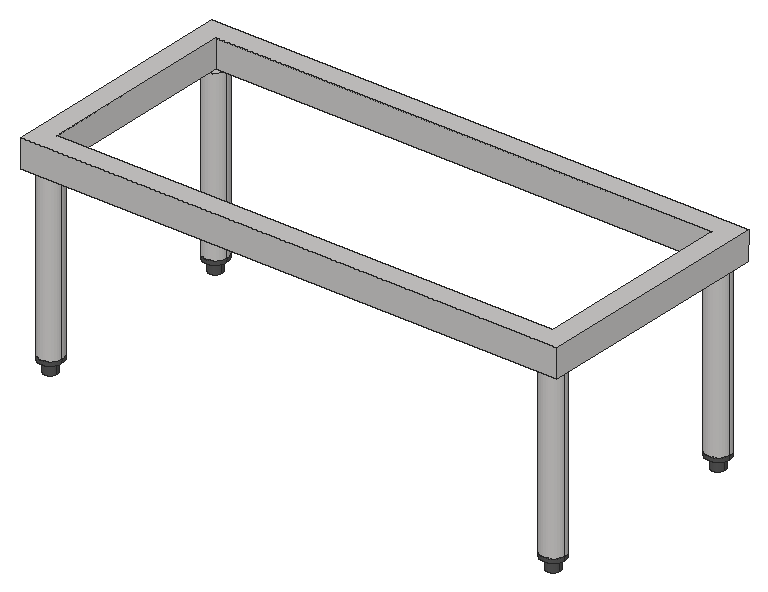
Revit family "QF_CAPIC_PT_W293015", category Equipement spécialisé, Revit 2018
Family settings
  Cote de connecteur circulaire = Utiliser le diamètre
  Type d'élément = Normal
  Numéro OmniClass = 23.40.40.14
  Titre OmniClass = Food Service Equipment
  Basée sur le plan de construction = Non
  Toujours verticalement = Oui
  Couper avec des vides une fois chargée = Non
  Partagée = Non
  Point de calcul de pièce = Non
Parameters (values of type "L=1600mm")
  URL catalogue = "http://www.capic-fr.com/fr/"
  Type de Raccord Plomberie [instance] = ""
  Type de Raccord Electrique [instance] = ""
  Type de Gaz = ""
  Type article [instance] = ""
  Tension = 0 V
  Spécification du Fabricant = ""
  Show Logo = yes
  Remarques evacuation [instance] = ""
  Remarques Plomberie [instance] = ""
  Remarques Electricité [instance] = ""
  Puissance électrique  = 0 W
  Puissance Gaz kW = 0
  Profondeur hors tout = 715 mm
  Pression Maximum Eau Adoucie = 0.0 Pa
  Poids net à vide = 90.00 kg
  Phase = 0
  Modèle = "W293015"
  Longueur hors tout = 1600 mm
  Intensité nominale = 0 A
  Hauteur hors tout = 630 mm
  Hauteur de Raccordement du Sol Finis = 0 mm
  Hauteur de Raccordement Gaz du Sol Finis = 0 mm
  Hauteur de Raccordement Evacuation Directe du Sol Finis = 0 mm
  Hauteur de Raccordement Eau Froide du Sol Finis = 0 mm
  Hauteur de Raccordement Eau Chaude du Sol Finis = 0 mm
  Hauteur de Raccordement Eau Adoucie du Sol Finis = 0 mm
  Fréquence = 0 Hz
  Fabricant = "CAPIC"
  Débit d'air d'extraction = 0.0 m³/h
  Débit Gaz = 0.0 L/s
  Débit Eau Froide = 0.0 L/s
  Débit Eau Chaude = 0.0 L/s
  Débit Eau Adoucie = 0.0 L/s
  Diamètre de Raccordement Gaz = 0 mm
  Diamètre de Raccordement Evacuation = 0 mm
  Diamètre de Raccordement Eau Froide = 0 mm
  Diamètre de Raccordement Eau Chaude = 0 mm
  Diamètre de Raccordement Eau Adoucie = 0 mm
  Description = "Pietement tubes ronds"
  Assembly Code = ""
  Classification  Omniclass nombre et titre = "23.40.40.14"
Reference planes
  plane 1 "Centre (avant/arrière)": y = 0
  plane 2: z = 0
  plane 3 "Centre (gauche/droite)": x = 0
  plane 4 "Centre G/E": y = 0
  plane 5: y = -838
  plane 6: z = 630
  plane 7: y = -123
  plane 8: x = 1600
  plane 9: z = 546
  plane 10: y = -173
  plane 11: y = -788
  plane 12: x = 50
  plane 13: x = 1550
  plane 14: z = 46
Forms (mm)
  Extrusion 1, solid, material "QF_Stainless Steel-Brushed"
    sketch origin (4267.2, -1071.386, 630) x (0, -1, 0) y (1, 0, 0)
      loop
        line (-948.386, -4267.2) -> (-233.386, -4267.2) -> (-233.386, -2667.2) -> (-948.386, -2667.2) -> (-948.386, -4267.2)
      loop
        line (-888.386, -2727.2) -> (-888.386, -4207.2) -> (-293.386, -4207.2) -> (-293.386, -2727.2) -> (-888.386, -2727.2)
    from 0 to -84
  Extrusion 2, solid, material "QF_Stainless Steel-Brushed"
    sketch origin (0, 0, 0) x (1, 0, 0) y (0, 1, 0)
      loop
        circle (50, -173) r 35
    from 46 to 546
  Revolve 3, solid, material "QF_Plastic-Black"
    sketch origin (-199.347, -173, 4000) x (-1, 0, 0) y (0, 0, 1)
      loop
        line (-284.347, -3954) -> (-284.347, -3966) -> (-269.347, -3966) -> (-269.347, -4000) -> (-249.347, -4000) -> (-249.347, -3954) -> (-284.347, -3954)
      axis (-249.347, -4000) -> (-249.347, -3954)
    angle from 0 to 360
  Extrusion 4, solid, material "QF_Stainless Steel-Brushed"
    sketch origin (220, 0, 0) x (1, 0, 0) y (0, 1, 0)
      loop
        circle (1330, -173) r 35
    from 46 to 546
  Revolve 5, solid, material "QF_Plastic-Black"
    sketch origin (160.653, -173, 4000) x (-1, 0, 0) y (0, 0, 1)
      loop
        line (-1424.347, -3954) -> (-1424.347, -3966) -> (-1409.347, -3966) -> (-1409.347, -4000) -> (-1389.347, -4000) -> (-1389.347, -3954) -> (-1424.347, -3954)
      axis (-1389.347, -4000) -> (-1389.347, -3954)
    angle from 0 to 360
  Extrusion 6, solid, material "QF_Stainless Steel-Brushed"
    sketch origin (0, -615, 0) x (1, 0, 0) y (0, 1, 0)
      loop
        circle (50, -173) r 35
    from 46 to 546
  Revolve 7, solid, material "QF_Plastic-Black"
    sketch origin (-133.843, -788, 4000) x (-1, 0, 0) y (0, 0, 1)
      loop
        line (-218.843, -3954) -> (-218.843, -3966) -> (-203.843, -3966) -> (-203.843, -4000) -> (-183.843, -4000) -> (-183.843, -3954) -> (-218.843, -3954)
      axis (-183.843, -4000) -> (-183.843, -3954)
    angle from 0 to 360
  Extrusion 8, solid, material "QF_Stainless Steel-Brushed"
    sketch origin (230, -615, 0) x (1, 0, 0) y (0, 1, 0)
      loop
        circle (1320, -173) r 35
    from 46 to 546
  Revolve 9, solid, material "QF_Plastic-Black"
    sketch origin (-133.843, -788, 4000) x (-1, 0, 0) y (0, 0, 1)
      loop
        line (-1718.843, -3954) -> (-1718.843, -3966) -> (-1703.843, -3966) -> (-1703.843, -4000) -> (-1683.843, -4000) -> (-1683.843, -3954) -> (-1718.843, -3954)
      axis (-1683.843, -4000) -> (-1683.843, -3954)
    angle from 0 to 360
Dimensions and locks
  locked: plane 7 to Extrusion 1 sketch curve at 60
  locked: Extrusion 1 sketch curve to plane 5 at 60
  locked: plane 3 "Centre (gauche/droite)" to Extrusion 1 sketch curve at 60
  locked: Extrusion 1 sketch curve to plane 8 at 60
  "Longueur hors tout": plane 3 "Centre (gauche/droite)" to plane 8
  "Hauteur hors tout": plane 6 to level
  locked: plane 6 to plane 9 at 84
  locked: plane 7 to plane 10 at 50
  locked: plane 11 to plane 5 at 50
  locked: plane 3 "Centre (gauche/droite)" to plane 12 at 50
  locked: plane 13 to plane 8 at 50
  locked: plane 9 to plane 14 at 500
  locked: Revolve 3 sketch curve to plane 12 at 35
  locked: plane 14 to Revolve 3 sketch curve at 12
  locked: Revolve 3 sketch curve to plane 12 at 20
  Revolve 5 sketch curve to Revolve 5 sketch curve to plane 13 = 15 mm locked, 20 mm locked
  "Profondeur hors tout": plane 7 to plane 5
  locked: plane 14 to Revolve 5 sketch curve at 12
  locked: Revolve 7 sketch curve to plane 12 at 20
  locked: Revolve 7 sketch curve to plane 12 at 35
  locked: Revolve 3 to plane 14 at 12
  locked: plane 14 to Revolve 5 at 12
  locked: Revolve 9 sketch curve to plane 13 at 20
  locked: Revolve 9 sketch curve to plane 13 at 35
  aligned and locked: level to plane 2
  aligned and locked: Extrusion 1 sketch curve to plane 7
  aligned and locked: plane 3 "Centre (gauche/droite)" to Extrusion 1 sketch curve
  aligned and locked: plane 5 to Extrusion 1 sketch curve
  aligned and locked: Extrusion 1 sketch curve to plane 8
  aligned and locked: Extrusion 1 to plane 9
  aligned and locked: plane 6 to Extrusion 1
  aligned and locked: plane 9 to Extrusion 2
  aligned and locked: Extrusion 2 to plane 14
  aligned and locked: plane 12 to Extrusion 2 sketch curve
  aligned and locked: plane 10 to Extrusion 2 sketch curve
  aligned and locked: level to Revolve 3 sketch curve
  aligned and locked: plane 12 to Revolve 3 sketch curve
  aligned and locked: Revolve 3 sketch curve to plane 14
  aligned and locked: plane 13 to Extrusion 4 sketch curve
  aligned and locked: Extrusion 4 sketch curve to plane 10
  aligned and locked: plane 13 to Revolve 5 sketch curve  (x2)
  aligned and locked: level to Revolve 5 sketch curve
  aligned and locked: plane 14 to Revolve 5 sketch curve
  aligned and locked: plane 12 to Extrusion 6 sketch curve
  aligned and locked: plane 11 to Extrusion 6 sketch curve
  aligned and locked: plane 9 to Extrusion 6
  aligned and locked: Extrusion 6 to plane 14
  aligned and locked: plane 14 to Revolve 7 sketch curve
  aligned and locked: Revolve 7 sketch curve to level
  aligned and locked: plane 9 to Extrusion 4
  aligned and locked: Extrusion 4 to plane 14
  aligned and locked: plane 13 to Extrusion 8 sketch curve
  aligned and locked: Extrusion 8 sketch curve to plane 11
  aligned and locked: Revolve 3 to plane 14
  aligned and locked: Extrusion 8 to Extrusion 1
  aligned and locked: plane 14 to Revolve 9 sketch curve
  aligned and locked: level to Revolve 9 sketch curve
  aligned and locked: plane 14 to Extrusion 8
Automatic sketch dimensions
  Revolve 3 sketch curve to plane 12 = 0 mm
  Revolve 3 sketch curve to level = 0 mm
  Revolve 3 sketch curve to plane 14 = 0 mm
  Revolve 5 sketch curve to level = 0 mm
  Revolve 5 sketch curve to plane 14 = 0 mm
  Revolve 9 sketch curve to plane 13 = 0 mm  (x2)
  Revolve 9 sketch curve to plane 14 = 12 mm
  Revolve 9 sketch curve to level = 88.15 mm
  Revolve 9 sketch curve to Revolve 9 sketch curve = 37 mm
  Revolve 7 sketch curve to plane 12 = 0 mm  (x2)
  Revolve 7 sketch curve to plane 14 = 12 mm
  Revolve 7 sketch curve to level = 25 mm
  Revolve 7 sketch curve to Revolve 7 sketch curve = 12 mm
  radius of Extrusion 2 sketch curve = 35 mm
  radius of Extrusion 4 sketch curve = 35 mm
  radius of Extrusion 6 sketch curve = 35 mm
  radius of Extrusion 8 sketch curve = 35 mm
